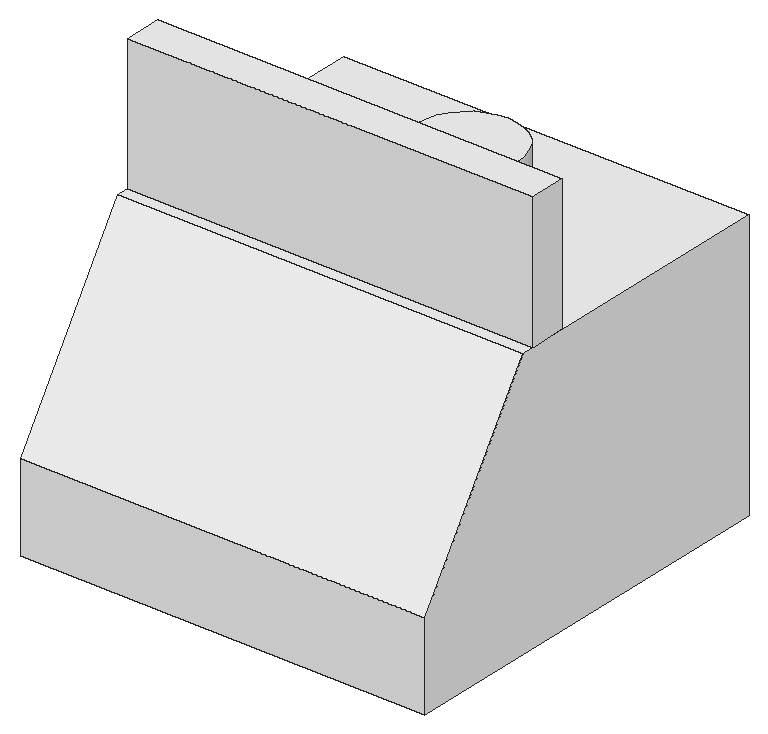
Revit family "v-624_6047k(l)8_k9(-bk)(-bl)_50Hz", category 機械設備, Revit 2019
Family settings
  丸型コネクタ寸法 = 直径を使用
  パーツ タイプ = 標準
  OmniClass 番号 = 23.75.35.17.27
  OmniClass タイトル = Centrifugal Fans
  作業面ベース = いいえ
  常に垂直 = はい
  ロード時にボイドで切り取り = いいえ
  共有 = いいえ
  部屋計算ポイント = いいえ
Parameters (values of type "V-602K9")
  騒音レベル(dB(A)) = 36
  風量 = 445.0 m³/h
  電源種別 [instance] = ""
  電圧 = 100 V
  電動機出力 = 0 W
  電動機_種別 = ""
  集中コントローラ = ""
  運転質量 = 0.00 kg
  連動 [instance] = ""
  質量 = if(製品質量 > 運転質量, 製品質量, 運転質量) * 1.2  # 17.40 kg
  負荷分類 = 3_ファン類
  説明 = "レンジフードファン 深形 標準タイプ"
  設計風量 = 0.0 m³/h
  設置方法 = "天吊"
  記号 [instance] = ""
  製造元 = "三菱電機株式会社"
  製品質量 = 14.50 kg
  製品出荷対象 = "国内"
  製品リリース年月 = "2022年6月1日"
  製品グループ = ""
  系統 [instance] = ""
  符号 = if(☑給気／□排気, "FS", "FE")  # "FE"
  積算_科目 = "2 換気設備"
  積算_拾い区分 [instance] = ""
  相 = 1
  盤記号 [instance] = ""
  発停方法 [instance] = ""
  特殊仕様 [instance] = ""
  火災停止 [instance] = ""
  消費電力 = 50 W
  法定耐用年数 = "15"
  機外静圧_排気 = 210.0 Pa
  機外静圧 = 0.0 Pa
  極数 = 2
  材質 [instance] = ""
  操作・制御方式 = ""
  操作・制御スイッチ = ""
  排気量 = 0.0 m³/h
  形式 = "片吸込形"
  幹線記号 [instance] = ""
  対象室 [instance] = ""
  実風量 = 0.0 m³/h
  始動方式 [instance] = "直入"
  天吊用穴_D_後・上配管 = 255 mm
  天吊用穴_D_右・左配管 = 290 mm
  天吊用穴_ピッチ = 480 mm
  外気量 = 0.0 m³/h
  呼称 = "遠心送風機"
  周波数 = 50 Hz
  参照している仕様書等のバージョン = ""
  分類コード = "50052503100060"
  分類グループ = ""
  価格 = 88200
  企業コード = "108420"
  付属品_フィルター_還気 = ""
  付属品_フィルター = ""
  付属品 [instance] = ""
  仕様書バージョン = "Version1.0"
  モデル = "V-602K9"
  マテリアル = 鋼板(白)
  ファンの種類 = ""
  ダクト径 = 150 mm
  コメント [instance] = ""
  Keynote = ""
  Assembly Code = ""
  ☑給気／□排気 = no
  Width = 600 mm
  W1 = Width / 2  # 300 mm
  Version = ""
  Uniclass2015Version = "Systems v1.9"
  Uniclass2015Title = "Centrifugal fans"
  Uniclass2015Code = "Pr_65_67_29_12"
  URL = "https://www.mitsubishielectric.co.jp/ldg/wink/ssl/displayProduct.do?pid=320889"
  SpecificationReference = ""
  SpecificationDescription = ""
  Revision = ""
  ProductInformation = ""
  OmniClassCode = "23-33 31 19 13 15"
  MIN風量 = 295.0 m³/h
  MIN静圧 = 0.0 Pa
  MID風量 = 0.0 m³/h
  MID静圧 = 0.0 Pa
  MAX風量 = 445.0 m³/h
  MAX静圧 = 0.0 Pa
  IfcTypeProduct = ""
  IfcProduct = ""
  IfcExportType = "CENTRIFUGALFORWARDCURVED"
  IfcExportAs = "IfcFanType"
  Height = 400 mm
  H2 = 600 mm
  H1 = 129 mm
  EAサイズ_D = 148 mm
  Duct_Height = 55 mm
  Duct_D = 145 mm
  Depth = 600 mm
  D3 = 55 mm
  D2 = 400 mm
  D1 = 419 mm
  Clearance Top = 0 mm
  Clearance Right = 0 mm
  Clearance Left = 0 mm
  Clearance Front = 0 mm
  Clearance Bottom = 0 mm
  Clearance Back = 0 mm
  Author = "三菱電機株式会社"
Types (16, lengths in mm): name | 騒音レベル(dB(A)) | 風量 | 質量 | 製品質量 | 消費電力 | 価格 | モデル | マテリアル | Width | W1 | URL | MIN風量 | MID風量 | MAX風量 | H2 | Depth | D2 | D1
  V-602K9 | 36 | 445.0 m³/h | 17.40 kg | 14.50 kg | 50 W | 88200 | "V-602K9" | 鋼板(白) | 600 | 300 | "https://www.mitsubishielectric.co.jp/ldg/wink/ssl/displayProduct.do?pid=320889" | 295.0 m³/h | 0.0 m³/h | 445.0 m³/h | 600 | 600 | 400 | 419
  V-602K9-BK | 36 | 445.0 m³/h | 17.40 kg | 14.50 kg | 50 W | 88200 | "V-602K9-BK" | 鋼板(黒) | 600 | 300 | "https://www.mitsubishielectric.co.jp/ldg/wink/ssl/displayProduct.do?pid=320890" | 295.0 m³/h | 0.0 m³/h | 445.0 m³/h | 600 | 600 | 400 | 419
  V-604K9 | 39.5 | 600.0 m³/h | 19.80 kg | 16.50 kg | 77 W | 108100 | "V-604K9" | 鋼板(白) | 600 | 300 | "https://www.mitsubishielectric.co.jp/ldg/wink/ssl/displayProduct.do?pid=320909" | 230.0 m³/h | 350.0 m³/h | 600.0 m³/h | 600 | 600 | 400 | 419
  V-604K9-BK | 39.5 | 600.0 m³/h | 19.80 kg | 16.50 kg | 77 W | 108100 | "V-604K9-BK" | 鋼板(黒) | 600 | 300 | "https://www.mitsubishielectric.co.jp/ldg/wink/ssl/displayProduct.do?pid=320910" | 230.0 m³/h | 350.0 m³/h | 600.0 m³/h | 600 | 600 | 400 | 419
  V-605K9 | 45.5 | 785.0 m³/h | 19.80 kg | 16.50 kg | 132 W | 119200 | "V-605K9" | 鋼板(白) | 600 | 300 | "https://www.mitsubishielectric.co.jp/ldg/wink/ssl/displayProduct.do?pid=320925" | 325.0 m³/h | 460.0 m³/h | 785.0 m³/h | 600 | 600 | 400 | 419
  V-605K9-BK | 45.5 | 785.0 m³/h | 19.80 kg | 16.50 kg | 132 W | 119200 | "V-605K9-BK" | 鋼板(黒) | 600 | 300 | "https://www.mitsubishielectric.co.jp/ldg/wink/ssl/displayProduct.do?pid=320926" | 325.0 m³/h | 460.0 m³/h | 785.0 m³/h | 600 | 600 | 400 | 419
  V-754K9 | 39.5 | 600.0 m³/h | 22.20 kg | 18.50 kg | 77 W | 144700 | "V-754K9" | 鋼板(白) | 750 | 375 | "https://www.mitsubishielectric.co.jp/ldg/wink/ssl/displayProduct.do?pid=320928" | 230.0 m³/h | 350.0 m³/h | 600.0 m³/h | 600 | 600 | 400 | 419
  V-603K8-BL | 38.5 | 580.0 m³/h | 20.40 kg | 17.00 kg | 72 W | 100700 | "V-603K8-BL" | 鋼板(白) | 600 | 300 | "https://www.mitsubishielectric.co.jp/ldg/wink/ssl/displayProduct.do?pid=320899" | 200.0 m³/h | 345.0 m³/h | 580.0 m³/h | 600 | 650 | 375 | 469
  V-604K8-BL | 43 | 660.0 m³/h | 20.40 kg | 17.00 kg | 118 W | 103500 | "V-604K8-BL" | 鋼板(白) | 600 | 300 | "https://www.mitsubishielectric.co.jp/ldg/wink/ssl/displayProduct.do?pid=320908" | 255.0 m³/h | 380.0 m³/h | 660.0 m³/h | 600 | 650 | 375 | 469
  V-603KL8-BL | 38.5 | 580.0 m³/h | 20.40 kg | 17.00 kg | 72 W | 103500 | "V-603KL8-BL" | 鋼板(白) | 600 | 300 | "https://www.mitsubishielectric.co.jp/ldg/wink/ssl/displayProduct.do?pid=320900" | 200.0 m³/h | 345.0 m³/h | 580.0 m³/h | 600 | 650 | 375 | 469
  V-604KL8-BL | 43 | 660.0 m³/h | 20.40 kg | 17.00 kg | 118 W | 106500 | "V-604KL8-BL" | 鋼板(白) | 600 | 300 | "https://www.mitsubishielectric.co.jp/ldg/wink/ssl/displayProduct.do?pid=320913" | 255.0 m³/h | 380.0 m³/h | 660.0 m³/h | 600 | 650 | 375 | 469
  V-6037K8-BL | 38.5 | 580.0 m³/h | 21.00 kg | 17.50 kg | 72 W | 105100 | "V-6037K8-BL" | 鋼板(白) | 600 | 300 | "https://www.mitsubishielectric.co.jp/ldg/wink/ssl/displayProduct.do?pid=320897" | 200.0 m³/h | 345.0 m³/h | 580.0 m³/h | 700 | 650 | 375 | 469
  V-6037KL8-BL | 38.5 | 580.0 m³/h | 21.00 kg | 17.50 kg | 72 W | 107900 | "V-6037KL8-BL" | 鋼板(白) | 600 | 300 | "https://www.mitsubishielectric.co.jp/ldg/wink/ssl/displayProduct.do?pid=320898" | 200.0 m³/h | 345.0 m³/h | 580.0 m³/h | 700 | 650 | 375 | 469
  V-6047K8-BL | 43 | 660.0 m³/h | 21.00 kg | 17.50 kg | 118 W | 107900 | "V-6047K8-BL" | 鋼板(白) | 600 | 300 | "https://www.mitsubishielectric.co.jp/ldg/wink/ssl/displayProduct.do?pid=320905" | 255.0 m³/h | 380.0 m³/h | 660.0 m³/h | 700 | 650 | 375 | 469
  V-6047KL8-BL | 43 | 660.0 m³/h | 21.00 kg | 17.50 kg | 118 W | 110800 | "V-6047KL8-BL" | 鋼板(白) | 600 | 300 | "https://www.mitsubishielectric.co.jp/ldg/wink/ssl/displayProduct.do?pid=320906" | 255.0 m³/h | 380.0 m³/h | 660.0 m³/h | 700 | 650 | 375 | 469
  V-6027KL8-BL | 38 | 480.0 m³/h | 21.00 kg | 17.50 kg | 67 W | 107900 | "V-6027KL8-BL" | 鋼板(白) | 600 | 300 | "https://www.mitsubishielectric.co.jp/ldg/wink/ssl/displayProduct.do?pid=320888" | 200.0 m³/h | 310.0 m³/h | 480.0 m³/h | 700 | 650 | 375 | 469
Reference planes
  plane 1 "中心(正面/背面)": y = 0
  plane 2: z = 0
  plane 3 "中心(左/右)": x = 0
  plane 4: x = -300
  plane 5: x = 300
  plane 6: y = -600
  plane 7: z = -400
  plane 8: z = -271
  plane 9: z = 55
  plane 10: y = -300
  plane 11: y = -419
  plane 12: y = -145
  plane 13: z = 200
  plane 14: y = -345
  plane 15: y = -400
  plane 16: x = -240
  plane 17: x = 240
  plane 18: y = -255
  plane 19: y = -290
  plane 20: x = -150
  plane 21: x = 150
Forms (mm)
  Extrusion 1, solid, material "鋼板(白)" <- "マテリアル", detail levels fine
    sketch origin (0, 0, 0) x (1, 0, 0) y (0, 1, 0)
      loop
        line (-300, 0) -> (-300, -419) -> (300, -419) -> (300, 0) -> (-300, 0)
    from -400 to 0
  Blend 2, solid, material "鋼板(白)" <- "マテリアル", detail levels fine
    base sketch origin (0, 0, 0) x (1, 0, 0) y (0, 0, 1)
      loop
        line (-300, -400) -> (300, -400) -> (300, 0) -> (-300, 0) -> (-300, -400)
    top sketch origin (0, 0, 0) x (1, 0, 0) y (0, 0, 1)
      loop
        line (-300, -400) -> (300, -400) -> (300, -271) -> (-300, -271) -> (-300, -400)
    from 419 to 600
  Extrusion 3, solid, material "鋼板(白)" <- "マテリアル", detail levels fine
    sketch origin (0, 0, 0) x (1, 0, 0) y (0, 1, 0)
      loop
        circle (0, -145) r 74
    from 0 to 55
  Extrusion 4, solid, material "鋼板(白)" <- "マテリアル", detail levels fine
    sketch origin (0, 0, 0) x (1, 0, 0) y (0, 1, 0)
      loop
        line (-300, -345) -> (-300, -400) -> (300, -400) -> (300, -345) -> (-300, -345)
    from 0 to 200
Cuts and joins
  joined: Extrusion 1, Blend 2
Lines and regions (mm)
  Masking region 1, detail levels coarse+medium
    outline origin (1326.5, 29, 0) x (1, 0, 0) y (0, 1, 0)
      loop
        line (-1626.5, -29) -> (-1626.5, -629) -> (-1026.5, -629) -> (-1026.5, -29) -> (-1626.5, -29)
  symbolic lines, detail levels coarse+medium
    curve 1: circle (-150, -300, 0) r 150 normal (0, 0, 1)
    curve 2: circle (150, -300, 0) r 150 normal (0, 0, 1)
Dimensions and locks
  equal spacing: plane 4, plane 3 "中心(左/右)", plane 5
  "Width": plane 4 to plane 5
  equal spacing: plane 6, plane 10, plane 1 "中心(正面/背面)"
  "Depth": plane 1 "中心(正面/背面)" to plane 6
  "D1": plane 1 "中心(正面/背面)" to plane 11
  "Duct_D": plane 1 "中心(正面/背面)" to plane 12
  "Height": level to plane 7
  "Duct_Height": plane 9 to level
  "H1": plane 8 to plane 7
  "H2": plane 13 to plane 7
  "D3": plane 14 to plane 15
  "D2": plane 1 "中心(正面/背面)" to plane 15
  "天吊用穴_ピッチ": plane 16 to plane 17
  equal spacing: plane 16, plane 3 "中心(左/右)", plane 17
  "天吊用穴_D_後・上配管": plane 1 "中心(正面/背面)" to plane 18
  "天吊用穴_D_右・左配管": plane 1 "中心(正面/背面)" to plane 19
  equal spacing: plane 4, plane 20, plane 3 "中心(左/右)"
  equal spacing: plane 3 "中心(左/右)", plane 21, plane 5
  "EAサイズ_D": diameter of Extrusion 3 sketch curve
  "W1": diameter of curve 1
  "W1": diameter of curve 2
  aligned and locked: level to plane 2
  aligned and locked: Masking region 1 to plane 4
  aligned and locked: plane 5 to Masking region 1
  aligned and locked: Masking region 1 to plane 6
  aligned and locked: Masking region 1 to plane 1 "中心(正面/背面)"
  aligned and locked: plane 1 "中心(正面/背面)" to Extrusion 1 sketch curve
  aligned and locked: plane 4 to Extrusion 1 sketch curve
  aligned and locked: plane 11 to Extrusion 1 sketch curve
  aligned and locked: Extrusion 1 sketch curve to plane 5
  aligned and locked: Blend 2 sketch curve to plane 7  (x2)
  aligned and locked: level to Blend 2 sketch curve
  aligned and locked: Blend 2 sketch curve to plane 5
  aligned and locked: Blend 2 sketch curve to plane 4
  aligned and locked: var sketch to Blend 2 sketch curve
  aligned and locked: Extrusion 1 to plane 7
  aligned and locked: level to Extrusion 1
  aligned and locked: Blend 2 to plane 6
  aligned and locked: plane 11 to Blend 2
  aligned and locked: plane 9 to Extrusion 3
  aligned and locked: Extrusion 3 to level
  aligned and locked: plane 8 to Blend 2 sketch curve
  aligned and locked: Extrusion 4 sketch curve to plane 14
  aligned and locked: plane 4 to Extrusion 4 sketch curve
  aligned and locked: plane 15 to Extrusion 4 sketch curve
  aligned and locked: Extrusion 4 sketch curve to plane 5
  aligned and locked: plane 13 to Extrusion 4
  aligned and locked: Extrusion 4 to level
  aligned and locked: nested 1 to plane 19
  aligned and locked: plane 18 to nested 1
  aligned and locked: plane 16 to nested 1
  aligned and locked: plane 17 to nested 1
Automatic sketch dimensions
  Masking region 1 sketch curve to plane 4 = 0 mm
  Masking region 1 sketch curve to plane 5 = 0 mm
  Masking region 1 sketch curve to plane 6 = 0 mm
  plane 1 "中心(正面/背面)" to Masking region 1 sketch curve = 0 mm
  Blend 2 sketch curve to plane 4 = 0 mm
  Extrusion 3 sketch curve to plane 3 "中心(左/右)" = 0 mm
  Extrusion 3 sketch curve to plane 12 = 0 mm
  curve 1 to plane 10 = 0 mm
  curve 1 to plane 20 = 0 mm
  curve 2 to plane 10 = 0 mm
  curve 2 to plane 21 = 0 mm
Nested families
  nested 1: "固定点" at (-240, -290, 0), type "固定点"
    with W 480 mm, D 35 mm
Connectors
  hvac at (0, -145, 55), driven by "ダクト径", driven by "機外静圧", driven by "風量"
    settings: on Extrusion 3, index 1, duct flow 445.0 m³/h, flow factor 0, pres drop 0.0 Pa, loss coef 0, conn angle 0.00°, conn width 304.8 mm, conn height 304.8 mm, conn diameter 150 mm, duct sys type 3, conn prof type 0, flow config 0, flow direction 2, loss method 4, conn ref index -1, conn util no, is conn primary yes, conn desc ""
  electrical at (0, -209.5, 0), driven by "極数", driven by "負荷分類", driven by "電圧", driven by "消費電力"
    settings: on cut or joined group of Extrusion 1, Blend 2, index 2, voltage 100 V, apparent load 50 VA, apparent load phase1 0 VA, apparent load phase2 0 VA, apparent load phase3 0 VA, power factor 1, load classification "3_ファン類", number of poles 2, system type 30, power factor state 1, is connector primary yes, connector utility no, sub classification motor no, connector description ""
Definition of nested family "固定点"
  Parameters (values of type "固定点")
    中心円 = 20 mm
    W [instance] = 1000 mm
    D [instance] = 1000 mm
  Reference planes
    plane 1 "中心(正面/背面)": y = 0
    plane 2: z = 0
    plane 3 "中心(左/右)": x = 0
    plane 4: x = 1000
    plane 5: y = 1000
  Lines and regions (mm)
    symbolic lines, detail levels fine
      curve 1: circle (0, 1000, 0) r 10 normal (0, 0, 1)
      curve 2: circle (0, 0, 0) r 10 normal (0, 0, 1)
      curve 3: circle (1000, 1000, 0) r 10 normal (0, 0, 1)
      curve 4: circle (1000, 0, 0) r 10 normal (0, 0, 1)
      curve 5: line (-200, 1000, 0) -> (1200, 1000, 0)
      curve 6: line (-200, 0, 0) -> (1200, 0, 0)
      curve 7: line (0, 1200, 0) -> (0, -200, 0)
      curve 8: line (1000, 1200, 0) -> (1000, -200, 0)
  Dimensions and locks
    "W": plane 3 "中心(左/右)" to plane 4
    "D": plane 1 "中心(正面/背面)" to plane 5
    "中心円": diameter of curve 1
    "中心円": diameter of curve 2
    "中心円": diameter of curve 3
    "中心円": diameter of curve 4
    aligned and locked: level to plane 2
    aligned and locked: plane 5 to curve 1
    aligned and locked: plane 3 "中心(左/右)" to curve 1
    aligned and locked: plane 3 "中心(左/右)" to curve 2
    aligned and locked: plane 1 "中心(正面/背面)" to curve 2
    aligned and locked: plane 4 to curve 3
    aligned and locked: plane 5 to curve 3
    aligned and locked: plane 1 "中心(正面/背面)" to curve 4
    aligned and locked: plane 4 to curve 4
    aligned and locked: plane 1 "中心(正面/背面)" to curve 6
    aligned and locked: curve 7 to plane 3 "中心(左/右)"
    aligned and locked: curve 8 to plane 4
  Automatic sketch dimensions
    curve 5 to plane 5 = 0 mm
    curve 6 to plane 3 "中心(左/右)" = 200 mm
    curve 5 to plane 3 "中心(左/右)" = 200 mm
    curve 4 to curve 6 = 200 mm
    curve 3 to curve 5 = 200 mm
    plane 1 "中心(正面/背面)" to curve 8 = 200 mm
    plane 1 "中心(正面/背面)" to curve 7 = 200 mm
    curve 3 to curve 8 = 200 mm
    curve 1 to curve 7 = 200 mm
